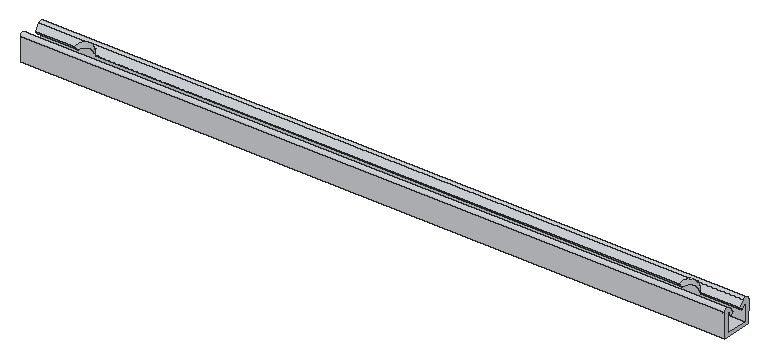
Revit family
Parameters
  URL = "www.siouxchief.com"
  Model = "523-3MSS"
  Manufacturer = "Sioux Chief Manufacturing"
  Description = "15\" Heavy Duty Power Bar Mini Strut"
Reference planes (in)
  plane 1 "Center (Front/Back)": y = 0
  plane 2: z = 0
  plane 3 "Center (Left/Right)": x = 0
Forms (in)
  Extrusion 1, solid
    sketch origin (-13, 0, 0) x (0, 1, 0) y (0, 0, 1)
      loop
        line (0.3117, 0) -> (0.3117, 0.4787)
        arc (0.3117, 0.4787) -> (0.26448, 0.54489) -> (0.18652, 0.52177) r 0.07
        line (0.18652, 0.52177) -> (0.09063, 0.39894) -> (0.1405, 0.34906) -> (0.2417, 0.4787) -> (0.2417, 0.07) -> (-0.2417, 0.07) -> (-0.2417, 0.4787) -> (-0.1405, 0.34906) -> (-0.09063, 0.39894) -> (-0.18652, 0.52177)
        arc (-0.18652, 0.52177) -> (-0.26448, 0.54489) -> (-0.3117, 0.4787) r 0.07
        line (-0.3117, 0.4787) -> (-0.3117, 0) -> (0.3117, 0)
    from 5.535 to 20.465
  Extrusion 2, void
    sketch origin (6.59301, 0, 0) x (0, 1, 0) y (1, 0, 0)
      loop
        spline (0, -13.2575) -> (0.05047, -13.24873) -> (0.0975, -13.223) -> (0.13789, -13.18208) -> (0.16887, -13.12875) -> (0.18836, -13.06665) -> (0.195, -13) -> (0.18836, -12.93335) -> (0.16887, -12.87125) -> (0.13789, -12.81792) -> (0.0975, -12.777) -> (0.05047, -12.75127) -> (0, -12.7425)
        spline (0, -12.7425) -> (-0.05047, -12.75127) -> (-0.0975, -12.777) -> (-0.13789, -12.81792) -> (-0.16887, -12.87125) -> (-0.18836, -12.93335) -> (-0.195, -13) -> (-0.18836, -13.06665) -> (-0.16887, -13.12875) -> (-0.13789, -13.18208) -> (-0.0975, -13.223) -> (-0.05047, -13.24873) -> (0, -13.2575)
    from -0.85574 to 0.2
  Extrusion 3, void
    sketch origin (-7.3425, 0, 0) x (0, 1, 0) y (1, 0, 0)
      loop
        spline (0, 13.4925) -> (0.05176, 13.50127) -> (0.1, 13.527) -> (0.14142, 13.56792) -> (0.17321, 13.62125) -> (0.19319, 13.68335) -> (0.2, 13.75) -> (0.19319, 13.81665) -> (0.17321, 13.87875) -> (0.14142, 13.93208) -> (0.1, 13.973) -> (0.05176, 13.99873) -> (0, 14.0075)
        spline (0, 14.0075) -> (-0.05176, 13.99873) -> (-0.1, 13.973) -> (-0.14142, 13.93208) -> (-0.17321, 13.87875) -> (-0.19319, 13.81665) -> (-0.2, 13.75) -> (-0.19319, 13.68335) -> (-0.17321, 13.62125) -> (-0.14142, 13.56792) -> (-0.1, 13.527) -> (-0.05176, 13.50127) -> (0, 13.4925)
    from -0.80304 to 0.2
  Extrusion 4, void
    sketch origin (7.53502, 0, 0) x (0, 1, 0) y (1, 0, 0)
      loop
        circle (0, -13) r 0.05
    from -0.85574 to 0.2
  Extrusion 5, void
    sketch origin (8.53502, 0, 0) x (0, 1, 0) y (1, 0, 0)
      loop
        circle (0, -13) r 0.05
    from -0.85574 to 0.2
  Extrusion 6, void
    sketch origin (9.53502, 0, 0) x (0, 1, 0) y (1, 0, 0)
      loop
        circle (0, -13) r 0.05
    from -0.85574 to 0.2
  Extrusion 7, void
    sketch origin (10.53502, 0, 0) x (0, 1, 0) y (1, 0, 0)
      loop
        circle (0, -13) r 0.05
    from -0.85574 to 0.2
  Extrusion 8, void
    sketch origin (11.53502, 0, 0) x (0, 1, 0) y (1, 0, 0)
      loop
        circle (0, -13) r 0.05
    from -0.85574 to 0.2
  Extrusion 9, void
    sketch origin (12.53502, 0, 0) x (0, 1, 0) y (1, 0, 0)
      loop
        circle (0, -13) r 0.05
    from -0.85574 to 0.2
  Extrusion 10, void
    sketch origin (13.53502, 0, 0) x (0, 1, 0) y (1, 0, 0)
      loop
        circle (0, -13) r 0.05
    from -0.85574 to 0.2
  Extrusion 11, void
    sketch origin (14.53502, 0, 0) x (0, 1, 0) y (1, 0, 0)
      loop
        circle (0, -13) r 0.05
    from -0.85574 to 0.2
  Extrusion 12, void
    sketch origin (15.53502, 0, 0) x (0, 1, 0) y (1, 0, 0)
      loop
        circle (0, -13) r 0.05
    from -0.85574 to 0.2
  Extrusion 13, void
    sketch origin (16.53502, 0, 0) x (0, 1, 0) y (1, 0, 0)
      loop
        circle (0, -13) r 0.05
    from -0.85574 to 0.2
  Extrusion 14, void
    sketch origin (17.53502, 0, 0) x (0, 1, 0) y (1, 0, 0)
      loop
        circle (0, -13) r 0.05
    from -0.85574 to 0.2
  Extrusion 15, void
    sketch origin (18.53502, 0, 0) x (0, 1, 0) y (1, 0, 0)
      loop
        circle (0, -13) r 0.05
    from -0.85574 to 0.2
Cuts and joins
  Extrusion 2, Extrusion 3, Extrusion 4, Extrusion 5, Extrusion 6, Extrusion 7, Extrusion 8, Extrusion 9, Extrusion 10, Extrusion 11, Extrusion 12, Extrusion 13, Extrusion 14, Extrusion 15 cuts Extrusion 1
Dimensions and locks (in)
  locked: Extrusion 1 to Extrusion 1 at 14.93
  Extrusion 3 sketch curve to Extrusion 3 sketch curve = 0.20"
  aligned and locked: plane 2 to level
